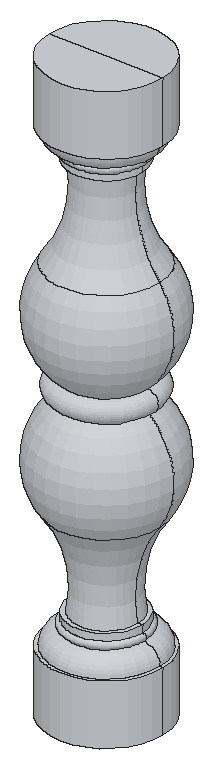
Revit family
Parameters (values of type "Balustrade J31")
  Width = 0' - 6"
  URL = "www.strombergarchitectural.com"
  Top Material = none
  Submittal Sheet = "www.strombergarchitectural.com/images/materials/gfrc/submittal/gfrc-submittal-sheet.pdf"
  Specifications = "www.strombergarchitectural.com/gfrcspecifications"
  Model Cut-sheet = "http://www.strombergarchitectural.com/products/balustrade/design/J31"
  Model = "Balustrade J31"
  Manufacturer = "Stromberg Architectural Products"
  Guidebook = "www.strombergarchitectural.com/images/materials/gfrc/handbooks/gfrc_guidebook.pdf   \r\n(http://www.strombergarchitectural.com/images/materials/gfrc/handbooks/gfrc_guidebook.pdf"
  Description = "GFRC Baluster"
  Assembly Code = ""
  Height = 2' - 7"
  XXX.5 = no
  XXX.4 = no
  XXX.3 = no
  XXX.2 = no
  XXX.1 = yes
Reference planes (in)
  plane 1 "Center (Front/Back)": y = 3.74847
  plane 2: z = 0
  plane 3 "Center (Left/Right)": x = 0.7278
  plane 4 "Front": y = -3.25153
  plane 5 "Back": y = 10.74847
Forms (in)
  Revolve 1, solid
    sketch origin (0, 3.74847, 0) x (1, 0, 0) y (0, 0, 1)
      loop
        line (-2.2722, 3.18182) -> (-2.2722, 0) -> (0.7278, 0) -> (0.7278, 31.01136) -> (-2.2722, 31.01136) -> (-2.2722, 27.82955) -> (-2.09038, 27.82955)
        arc (-2.09038, 27.82955) -> (-1.82411, 27.18672) -> (-1.18129, 26.92045) r 0.90909
        arc (-1.18129, 26.92045) -> (-1.36311, 26.73864) -> (-1.18129, 26.55682) r 0.18182
        line (-1.18129, 26.55682) -> (-1.18129, 26.19318) -> (-0.95848, 26.19318)
        arc (-0.95848, 26.19318) -> (-0.97886, 23.61284) -> (-2.09038, 21.28409) r 5.94639
        arc (-2.09038, 21.28409) -> (-2.80774, 18.54168) -> (-1.45402, 16.05114) r 3.85143
        arc (-1.45402, 16.05114) -> (-1.99947, 15.50568) -> (-1.45402, 14.96023) r 0.54545
        arc (-1.45402, 14.96023) -> (-2.80774, 12.46968) -> (-2.09038, 9.72727) r 3.85143
        arc (-2.09038, 9.72727) -> (-0.97886, 7.39852) -> (-0.95848, 4.81818) r 5.94639
        line (-0.95848, 4.81818) -> (-1.18129, 4.81818) -> (-1.18129, 4.45455)
        arc (-1.18129, 4.45455) -> (-1.36311, 4.27273) -> (-1.18129, 4.09091) r 0.18182
        arc (-1.18129, 4.09091) -> (-1.82411, 3.82464) -> (-2.09038, 3.18182) r 0.90909
        line (-2.09038, 3.18182) -> (-2.2722, 3.18182)
      axis (0.7278, 31.01136) -> (0.7278, 0)
    angle from 0 to 360
Dimensions and locks (in)
  aligned and locked: level to plane 2
